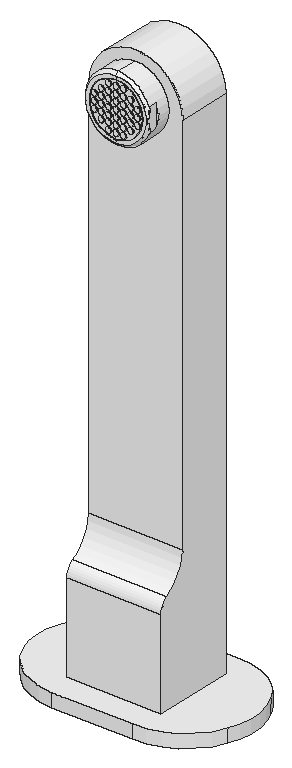
Revit family "Reece_Tap_Mizu_Soothe_Bath Outlet_200 mm", category Plumbing Fixtures, host Face, Revit 2018
Family settings
  Host = Face
  Round Connector Dimension = Use Diameter
  Part Type = Normal
  Cut with Voids When Loaded = No
  Shared = Yes
  Room Calculation Point = Yes
Parameters
  WFU = 0  # constant formula
  URL = "https://www.reece.com.au/product/-9504031"
  Type Comments = "Tap"
  Reece_Tap_Reach = 200 mm  # constant formula
  Reece_Tap_Inlet = 12 mm  # constant formula
  Reece_Product_Web Page = "https://www.reece.com.au/product/-9504031"
  Reece_Product_Type = "Tap"  # constant formula
  Reece_Product_Sub Brand = "Soothe"  # constant formula
  Reece_Product_Number = "9504031"
  Reece_Product_Mount = "Wall Mounted"
  Reece_Product_Description = "Mizu Soothe Bath Outlet 200mm Chrome"
  Reece_Product_Brand = "Mizu"  # constant formula
  Reece_Overall_Width = 80 mm  # constant formula
  Reece_Overall_Projection = 216 mm  # constant formula
  Reece_Material-Main = Reece_Brass_Chrome
  Reece_Detail_Installation = ""
  Reece_Detail_Disclaimer = "THIS FILE IS THE PROPERTY OF THE REECE GROUP. IT MAY NOT BE REPRODUCED, REVERSE-ENGINEERED OR MODIFIED. ANY REPUBLICATION, TRANSMISSION OR DISTRIBUTION FOR THE PURPOSE OF COMMERCIALLY EXPLOITING THE FILES IS PROHIBITED."  # constant formula
  Reece_Detail_Connector = ""
  Reece_Detail_Additional = "Bath Outlet"
  Reece_Backplate_Height = 5 mm  # constant formula
  Model = "Soothe"
  Manufacturer = "Mizu"
  Keynote = "Product #9504031, Reece_Tap_Mizu_Soothe_Bath Outlet_200 mm -  "
  HWFU = 0  # constant formula
  Disclaimer = "THIS FILE IS THE PROPERTY OF THE REECE GROUP. IT MAY NOT BE REPRODUCED, REVERSE-ENGINEERED OR MODIFIED. ANY REPUBLICATION, TRANSMISSION OR DISTRIBUTION FOR THE PURPOSE OF COMMERCIALLY EXPLOITING THE FILES IS PROHIBITED."  # constant formula
  Description = "Mizu Soothe Bath Outlet 200mm Chrome"
  Default Elevation = 1000 mm
  CWFU = 0  # constant formula
Types (2, lengths in mm): name | Keynote
  (no name) | "Product #9504031, Reece_Tap_Mizu_Soothe_Bath Outlet_200 mm -  "
  Chrome | "Product #9504031, Reece_Tap_Mizu_Soothe_Bath Outlet_200 mm - Chrome"
Reference planes
  plane 1 "Center (Front/Back)": y = 0
  plane 2 "Bottom": z = 0
  plane 3 "Center (Left/Right)": x = 0
  plane 4: z = 216
  plane 5: x = -17.5
  plane 6: x = 17.5
  plane 7: z = 200
  plane 8: x = 40
  plane 9: x = -40
  plane 10: z = 5
  plane 11: y = 25
  plane 12: y = -25
Forms (mm)
  Extrusion 1, void
    sketch origin (0, 0, 0) x (1, 0, 0) y (0, 1, 0)
      loop
        circle (0, 0) r 11.771
    from -16.545 to 0
  Extrusion 2, solid, material "Reece_Brass_Chrome" <- "Reece_Material-Main"
    sketch origin (0, 15, 0) x (1, 0, 0) y (0, 0, 1)
      loop
        arc (17.5, 198.5) -> (0, 216) -> (-17.5, 198.5) r 17.5
        line (-17.5, 198.5) -> (-17.5, 5) -> (17.5, 5) -> (17.5, 198.5)
    from 0 to 30
  Extrusion 3, solid, material "Reece_Brass_Chrome" <- "Reece_Material-Main"
    sketch origin (0, -1, 0) x (1, 0, 0) y (0, 1, 0)
      loop
        arc (-15, 26) -> (-27.843, 22.449) -> (-37.038, 12.805) r 25
        arc (-37.038, 12.805) -> (-39.967, 2.291) -> (-38.137, -8.469) r 25
        arc (-38.137, -8.469) -> (-28.933, -19.757) -> (-15, -24) r 25
        line (-15, -24) -> (15, -24)
        arc (15, -24) -> (28.933, -19.757) -> (38.137, -8.469) r 25
        arc (38.137, -8.469) -> (39.967, 2.291) -> (37.038, 12.805) r 25
        arc (37.038, 12.805) -> (27.843, 22.449) -> (15, 26) r 25
        line (15, 26) -> (-15, 26)
    from 0 to 5
  Extrusion 4, void
    sketch origin (0, 0, 0) x (0, 1, 0) y (0, 0, 1)
      loop
        line (-15, 5) -> (-15, 38)
        arc (-15, 38) -> (-14.256, 40.762) -> (-12.225, 42.776) r 5.497
        arc (-12.225, 42.776) -> (-6.937, 48.02) -> (-5, 55.21) r 14.312
        line (-5, 55.21) -> (-5, 228.5) -> (-50, 228.5) -> (-50, 5) -> (-15, 5)
    from -71.468 to 31.843
  Revolve 5, solid, material "Reece_Brass_Chrome" <- "Reece_Material-Main"
    sketch origin (0, -99.918, 94.223) x (0, 0, -1) y (0, 1, 0)
      loop
        line (-105.777, 94.918) -> (-118.132, 94.918) -> (-118.132, 86.984) -> (-117.148, 86) -> (-115.777, 86) -> (-115.777, 90.187) -> (-105.777, 90.187) -> (-105.777, 94.918)
      loop
        line (-105.777, 86) -> (-105.777, 89.992) -> (-115.53, 89.992) -> (-115.53, 86) -> (-105.777, 86)
      axis (-105.777, 94.918) -> (-105.777, 86)
    angle from 0 to 360
  Extrusion 6, void
    sketch origin (0, -94.257, 89.606) x (0, 0.052336, -0.99863) y (0, 0.99863, 0.052336)
      loop
        line (-100.826, 89.927) -> (-110.812, 90.45) -> (-111.143, 84.132) -> (-101.157, 83.609) -> (-100.826, 89.927)
    from 11.559 to 14.294
  Extrusion 7, void
    sketch origin (0, -94.257, 89.606) x (0, 0.052336, -0.99863) y (0, -0.99863, -0.052336)
      loop
        line (-100.826, -89.927) -> (-101.157, -83.609) -> (-111.143, -84.132) -> (-110.812, -90.45) -> (-100.826, -89.927)
    from 11.559 to 14.294
  Extrusion 8, solid, material "Reece_Brass_Chrome" <- "Reece_Material-Main", detail levels fine
    sketch origin (0, 0, 0) x (1, 0, 0) y (0, 0, 1)
      loop
        circle (0, 200) r 1
      loop
        circle (2.754, 200) r 1
      loop
        circle (5.485, 200) r 1
      loop
        circle (8.078, 200) r 1
      loop
        circle (-2.754, 200) r 1
      loop
        circle (-5.485, 200) r 1
      loop
        circle (-8.078, 200) r 1
      loop
        circle (0, 202.639) r 1
      loop
        circle (2.754, 202.639) r 1
      loop
        circle (5.485, 202.639) r 1
      loop
        circle (8.078, 202.639) r 1
      loop
        circle (-2.754, 202.639) r 1
      loop
        circle (-5.485, 202.639) r 1
      loop
        circle (-8.078, 202.639) r 1
      loop
        circle (0, 205.185) r 1
      loop
        circle (2.754, 205.185) r 1
      loop
        circle (5.485, 205.185) r 1
      loop
        circle (-2.754, 205.185) r 1
      loop
        circle (-5.485, 205.185) r 1
      loop
        circle (0, 207.835) r 1
      loop
        circle (2.754, 207.835) r 1
      loop
        circle (-2.754, 207.835) r 1
      loop
        circle (0, 197.361) r 1
      loop
        circle (2.754, 197.361) r 1
      loop
        circle (5.485, 197.361) r 1
      loop
        circle (8.078, 197.361) r 1
      loop
        circle (-2.754, 197.361) r 1
      loop
        circle (-5.485, 197.361) r 1
      loop
        circle (-8.078, 197.361) r 1
      loop
        circle (0, 194.815) r 1
      loop
        circle (2.754, 194.815) r 1
      loop
        circle (5.485, 194.815) r 1
      loop
        circle (-2.754, 194.815) r 1
      loop
        circle (-5.485, 194.815) r 1
      loop
        circle (0, 192.165) r 1
      loop
        circle (2.754, 192.165) r 1
      loop
        circle (-2.754, 192.165) r 1
    from 9.926 to 14.011
  Revolve 9, void
    sketch origin (0, 0, 0) x (0, 1, 0) y (0, 0, 1)
      loop
        line (11.771, 0) -> (11.771, 15) -> (8.562, 15) -> (8.562, 36.901) -> (0, 36.901) -> (0, 0) -> (11.771, 0)
      axis (0, 36.901) -> (0, 0)
    angle from 0 to 360
Cuts and joins
  Extrusion 4, Revolve 9 cuts Extrusion 2
  Extrusion 6, Extrusion 7 cuts Revolve 5
  Extrusion 1, Revolve 9 cuts Extrusion 3
Text (mm)
  text "Reece Copyright © 2018, Reece Ltd." at (-179.079, -193.85, 0), in view "Ref. Level"
  text "Reece ©" at (88.514, 214.821, 104.086), in view "Reece Preview"
Dimensions and locks
  plane 6 to plane 5 = 35 mm
  "Reece_Tap_Reach": plane 7 to host face
  "Reece_Overall_Projection": plane 4 to host face
  "Reece_Overall_Width": plane 9 to plane 8
  plane 7 to host face = 200 mm
  cut or joined group of Extrusion 2, Extrusion 4, Revolve 9 to cut or joined group of Extrusion 2, Extrusion 4, Revolve 9 = 20 mm
  "Reece_Backplate_Height": plane 10 to plane 2 "Bottom"
  plane 11 to plane 12 = 50 mm
  aligned and locked: plane 2 "Bottom" to host face
  aligned and locked: level to host face
Automatic sketch dimensions
  host sketch curve to host sketch curve = 380.785 mm
  host sketch curve to host sketch curve = 317.421 mm
  Extrusion 2 sketch curve to plane 5 = 0 mm
  Extrusion 2 sketch curve to plane 3 "Center (Left/Right)" = 0 mm
  level to Extrusion 2 sketch curve = 5 mm
  Extrusion 2 sketch curve to plane 7 = 1.5 mm
  Revolve 5 sketch curve to plane 7 = 0 mm  (x3)
  Revolve 5 sketch curve to plane 4 = 6.247 mm
  Revolve 5 sketch curve to Revolve 5 sketch curve = 0.247 mm
  Revolve 5 sketch curve to Revolve 5 sketch curve = 1.372 mm
  Revolve 5 sketch curve to plane 4 = 3.644 mm
  Revolve 5 sketch curve to Revolve 5 sketch curve = 0 mm
  Revolve 5 sketch curve to Revolve 5 sketch curve = 0.984 mm
  Revolve 5 sketch curve to Revolve 5 sketch curve = 3.992 mm
  Revolve 5 sketch curve to Revolve 5 sketch curve = 0.196 mm
  plane 1 "Center (Front/Back)" to Revolve 5 sketch curve = 5 mm
  Revolve 5 sketch curve to Revolve 5 sketch curve = 0.96 mm
  Revolve 5 sketch curve to Revolve 5 sketch curve = 1.082 mm
  plane 7 to Extrusion 6 sketch curve = 5 mm
  Extrusion 6 sketch curve to Extrusion 6 sketch curve = 0.331 mm
  Extrusion 6 sketch curve to Extrusion 6 sketch curve = 9.986 mm
  Extrusion 6 sketch curve to Extrusion 6 sketch curve = 0.523 mm
  plane 7 to Extrusion 7 sketch curve = 5 mm
  Extrusion 7 sketch curve to Extrusion 7 sketch curve = 0.331 mm
  Extrusion 7 sketch curve to Extrusion 7 sketch curve = 9.986 mm
  Extrusion 7 sketch curve to Extrusion 7 sketch curve = 5.795 mm
  level to Extrusion 4 sketch curve = 5 mm
  Extrusion 4 sketch curve to Extrusion 4 sketch curve = 5.497 mm
  plane 1 "Center (Front/Back)" to Extrusion 4 sketch curve = 5 mm
  plane 4 to Extrusion 4 sketch curve = 12.5 mm
  Extrusion 4 sketch curve to Extrusion 4 sketch curve = 33 mm
  Extrusion 4 sketch curve to Extrusion 4 sketch curve = 0 mm
  Revolve 9 sketch curve to plane 1 "Center (Front/Back)" = 0 mm  (x2)
  level to Revolve 9 sketch curve = 0 mm  (x2)
  Revolve 9 sketch curve to plane 1 "Center (Front/Back)" = 8.562 mm
  Revolve 9 sketch curve to plane 1 "Center (Front/Back)" = 11.771 mm
  Revolve 9 sketch curve to plane 10 = 10 mm
  Revolve 9 sketch curve to Revolve 9 sketch curve = 21.901 mm
  Revolve 9 sketch curve to Revolve 9 sketch curve = 0 mm
  plane 1 "Center (Front/Back)" to Extrusion 1 sketch curve = 0 mm
  Extrusion 1 sketch curve to plane 3 "Center (Left/Right)" = 0 mm
  Extrusion 8 sketch curve to plane 7 = 0 mm  (x7)
  Extrusion 8 sketch curve to plane 3 "Center (Left/Right)" = 0 mm  (x7)
  Extrusion 8 sketch curve to Extrusion 8 sketch curve = 2.754 mm
  Extrusion 8 sketch curve to plane 3 "Center (Left/Right)" = 2.754 mm
  Extrusion 8 sketch curve to Extrusion 8 sketch curve = 0 mm  (x19)
  Extrusion 8 sketch curve to Extrusion 8 sketch curve = 2.731 mm  (x4)
  Extrusion 8 sketch curve to Extrusion 8 sketch curve = 2.592 mm  (x6)
  plane 3 "Center (Left/Right)" to Extrusion 8 sketch curve = 2.754 mm  (x3)
  Extrusion 8 sketch curve to plane 7 = 2.639 mm  (x5)
  Extrusion 8 sketch curve to Extrusion 8 sketch curve = 2.546 mm  (x10)
  Extrusion 8 sketch curve to Extrusion 8 sketch curve = 2.65 mm  (x6)
  Extrusion 8 sketch curve to Extrusion 8 sketch curve = 2.639 mm  (x5)
  plane 1 "Center (Front/Back)" to Extrusion 4 sketch curve = 9.503 mm
  Extrusion 4 sketch curve to Extrusion 4 sketch curve = 14.312 mm
  Extrusion 4 sketch curve to Extrusion 4 sketch curve = 35 mm
  Revolve 5 sketch curve to Revolve 5 sketch curve = 3.77 mm
  plane 1 "Center (Front/Back)" to Extrusion 6 sketch curve = 16.057 mm
  plane 1 "Center (Front/Back)" to Extrusion 7 sketch curve = 16.057 mm
  Extrusion 3 sketch curve to Extrusion 3 sketch curve = 0 mm  (x12)
  Extrusion 3 sketch curve to plane 12 = 0 mm
  plane 1 "Center (Front/Back)" to Extrusion 3 sketch curve = 0 mm
  plane 5 to Extrusion 3 sketch curve = 2.5 mm
  Extrusion 3 sketch curve to plane 6 = 2.5 mm
  Extrusion 3 sketch curve to plane 9 = 2.962 mm
  Extrusion 3 sketch curve to plane 9 = 1.863 mm
  Extrusion 3 sketch curve to plane 8 = 2.962 mm
  Extrusion 3 sketch curve to plane 8 = 1.863 mm
  radius of Extrusion 1 sketch curve = 11.771 mm
  radius of Extrusion 8 sketch curve = 1 mm  (x37)
Connectors
  piping at (0, 0, -9.564), diameter 12, driven by "Reece_Tap_Inlet"
    settings: on host face, index 1, connector inside diameter 609.6 mm, connector length 0 mm, flow factor 0, pipe flow 0.0 L/s, pressure drop 0.0 Pa, fitting loss kfactor 0, connector angle 0.00°, fixture units 0, engagement length 0 mm, angle of deflection 0.00°, flow configuration 0, flow direction 1, fitting loss method 0, system type 29, joint type 0, gender type 0, connector reference index -1, connector utility 0, adjustable connector no, is connector primary yes, connector description ""
